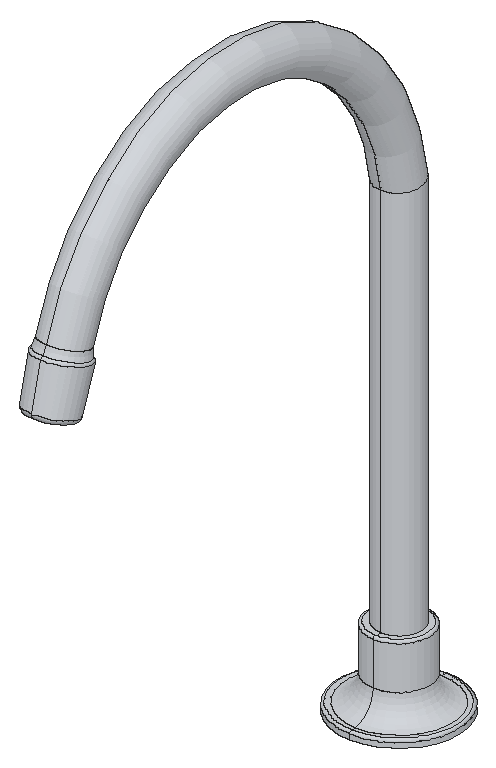
Revit family "II-BR05-11-BRAZO ARCO MÓVIL LAVAPLATOS", category Plumbing Fixtures, host Face, Revit 2018
Family settings
  Host = Face
  Round Connector Dimension = Use Diameter
  Part Type = Normal
  OmniClass Number = 23.31.11.00
  Cut with Voids When Loaded = No
  Shared = No
  Room Calculation Point = No
Parameters (values of type "II-BR05-11")
  Waste Water Outlet = ""
  Waste Connection = 1 = 0  # no
  Vent Connection = 1 = 0  # no
  URL = "https://www.gricol.com/"
  Type Image = LOGO-01.jpg
  Product Name = "BRAZO ARCO MÓVIL LAVAPLATOS"  # constant formula
  Plastico ABS Cromado = Metal Laton Cromado
  Model = "II-BR05-11"  # constant formula
  Manufacturer = "Gricol"  # constant formula
  Link Ficha Tecnica = ""
  HW Connection = 1 = 1  # yes
  Profundidad = 125.00 mm
  Description = "Brazo Griferia Cocina"  # constant formula
  Default Elevation = 0.00 mm
  Date Modified = ""
  Date Created = "05/28/2020"  # constant formula
  Copyright = "All rights reserved © Gricol - 2020."  # constant formula
  CW Connection = 1 = 1  # yes
  Assembly Code = ""
  Ancho = 54.00 mm
  Alto = 235.00 mm
Reference planes
  plane 1 "Center (Front/Back)": y = 0
  plane 2: z = 0
  plane 3 "Center (Left/Right)": x = 0
  plane 4: z = 235
  plane 5: y = -125
  plane 6: x = 27.043
  plane 7: x = -26.957
Dimensions and locks
  "Alto": plane 4 to level
  "Profundidad": plane 1 "Center (Front/Back)" to plane 5
  plane 6 to plane 7 = 54.00 mm  (x2)
  plane 4 to level = 235.00 mm
  aligned and locked: plane 2 to host face
  aligned and locked: level to host face
Automatic sketch dimensions
  host sketch curve to host sketch curve = 221.455 mm
  host sketch curve to host sketch curve = 297.197 mm
Nested families
  nested 1: "BRAZO ARCO MÓVIL LAVAPLATOS " at (0, 0, 0), type "BRAZO ARCO MÓVIL LAVAPLATOS "
Connectors
  piping at (0, 0, 0), diameter 12.7
    settings: on nested 1, index 1, connector inside diameter 24", connector length 0.00 mm, flow factor 0, pipe flow 0 GPM, pressure drop 0.00 psi, fitting loss kfactor 0, connector angle 0.00°, fixture units 0, engagement length 0.00 mm, angle of deflection 0.00°, flow configuration 0, flow direction 0, fitting loss method 0, system type 7, joint type 0, gender type 0, connector reference index -1, connector utility 0, adjustable connector no, is connector primary yes, connector description ""
Definition of nested family "BRAZO ARCO MÓVIL LAVAPLATOS "
  Parameters (values of type "BRAZO ARCO MÓVIL LAVAPLATOS ")
    Metal Laton Cromado = none
    Material = none
  Reference planes
    plane 1 "Center (Front/Back)": y = 0
    plane 2: z = 0
    plane 3 "Center (Left/Right)": x = 0
    plane 4: z = 305
    plane 5: y = -200
    plane 6 "Manija 6": x = 67.12
    plane 7 "Manija 8": x = 53.74
    plane 8 "Manija 9": x = -25.018
    plane 9 "Manija 10": x = 24.982
    plane 10: y = 9.978
    plane 11: z = 200
    plane 12: z = -66.5
  Forms (mm)
    Sweep 1, solid, material <- "Metal Laton Cromado"
      path origin (0, 0, 78.34) x (0, -1, 0) y (0, 0, -1)
        loop
          line (0, 43.34) -> (0, -132.98)
          arc (0, -132.98) -> (85.987, -216.467) -> (185.118, -149.11) r 94.864
      profile origin (0, -85.987, 294.807) x (0, -0.086807, -0.996225) y (1, 0, 0)
        loop
          circle (0, 0) r 10
    Revolve 2, solid, material <- "Metal Laton Cromado"
      sketch origin (0, -66.164, -100.392) x (0, 0.965523, -0.260317) y (0, 0.260317, 0.965523)
        loop
          line (-200.306, 285.577) -> (-200.884, 264.113) -> (-194.352, 263.937) -> (-194.271, 265.246) -> (-192.024, 265.107) -> (-192.442, 258.362)
          arc (-192.442, 258.362) -> (-190.822, 258.66) -> (-190.009, 260.091) r 1.948
          line (-190.009, 260.091) -> (-188.781, 279.942)
          arc (-188.781, 279.942) -> (-188.929, 280.782) -> (-189.532, 281.386) r 1.419
          arc (-189.532, 281.386) -> (-190.002, 283.317) -> (-190.085, 285.302) r 10.11
          line (-190.085, 285.302) -> (-200.306, 285.577)
        axis (-200.306, 285.577) -> (-201.032, 258.594)
      angle from 0 to 360
    Revolve 3, solid, material <- "Metal Laton Cromado"
      sketch origin (0, 0, 0) x (0, 1, 0) y (0, 0, 1)
        loop
          line (0, 35.317) -> (-12.891, 35.317)
          arc (-12.891, 35.317) -> (-13.659, 34.999) -> (-13.977, 34.231) r 1.086
          line (-13.977, 34.231) -> (-13.977, 14.887)
          arc (-13.977, 14.887) -> (-16.829, 7.463) -> (-23.688, 3.437) r 12.038
          line (-23.688, 3.437) -> (-25.834, 3.437)
          arc (-25.834, 3.437) -> (-26.63, 3.108) -> (-26.96, 2.312) r 1.126
          line (-26.96, 2.312) -> (-26.96, 0) -> (0, 0) -> (0, 35.317)
        axis (0, 0) -> (0, 35.317)
      angle from 0 to 360
  Dimensions and locks
    level to plane 4 = 305.00 mm  (x2)
    plane 1 "Center (Front/Back)" to plane 5 = 200.00 mm  (x2)
    plane 4 to level = 305.00 mm
    plane 6 "Manija 6" to plane 3 "Center (Left/Right)" = 67.12 mm  (x2)
    plane 5 to plane 1 "Center (Front/Back)" = 200.00 mm
    plane 11 to level = 200.00 mm  (x2)
    plane 11 to plane 12 = 266.50 mm
    aligned and locked: plane 2 to level
